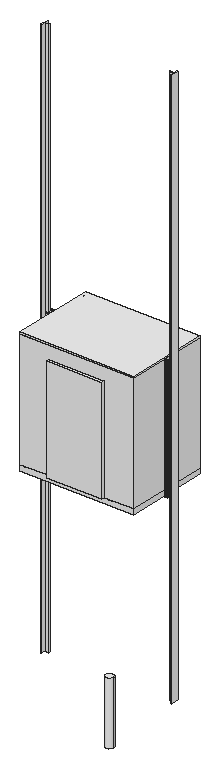
Revit family
Parameters (values of type "2500 lbs")
  Width = 8' - 4"
  Pit Depth = 4' - 0"
  Height [instance] = 36' - 0"
  Door Opening = 3' - 6"
  Depth = 6' - 7"
  Cab Width = 7' - 0"
  Cab Location = 12' - 0"
  Cab Height = 7' - 6"
  Cab Depth = 5' - 0"
Types (5): name | Width | Door Opening | Depth | Cab Width | Cab Depth
  (no name) | 8' - 4" | 3' - 6" | 6' - 7" | 7' - 0" | 5' - 0"
  2000 lbs | 7' - 4" | 3' - 0" | 6' - 10" | 6' - 0" | 5' - 0"
  2500 lbs | 8' - 4" | 3' - 6" | 6' - 7" | 7' - 0" | 5' - 0"
  3000 lbs | 8' - 4" | 3' - 6" | 7' - 1" | 7' - 0" | 5' - 6"
  3500 lbs | 8' - 4" | 4' - 0" | 7' - 7" | 7' - 0" | 6' - 2"
Reference planes (in)
  plane 1 "Center (Front/Back)": y = -1.8889
  plane 2: z = 0
  plane 3 "Center (Left/Right)": x = 0.29319
  plane 4 "Back": y = 41.1111
  plane 5 "Front": y = -37.8889
  plane 6 "Left": x = -49.70681
  plane 7 "Right": x = 50.29319
  plane 8: x = -41.70681
  plane 9: x = 42.29319
  plane 10: z = 432
  plane 11: z = -48
  plane 12: z = 144
  plane 13: z = 234
  plane 14: z = 140
  plane 15: z = 235
  plane 16: x = -20.70681
  plane 17: z = 224
  plane 18: x = 21.29319
  plane 19: y = 28.1111
  plane 20: y = -31.8889
Forms (in)
  Extrusion 1, solid, material "Metal - Steel"
    sketch origin (0, 0, 0) x (1, 0, 0) y (0, 1, 0)
      loop
        line (-41.70681, 28.1111) -> (-41.70681, -31.8889) -> (42.29319, -31.8889) -> (42.29319, 28.1111) -> (-41.70681, 28.1111)
      loop
        line (-43.20681, 30.1111) -> (-43.20681, -33.3889) -> (43.79319, -33.3889) -> (43.79319, 30.1111) -> (-43.20681, 30.1111)
    from 144 to 234
  Extrusion 2, solid, material "Metal - Steel"
    sketch origin (0, 0, 0) x (1, 0, 0) y (0, 1, 0)
      loop
        circle (0.29319, -1.8889) r 3
    from -48 to 0
  Extrusion 3, solid, material "Metal - Steel"
    sketch origin (0, 0, 0) x (1, 0, 0) y (0, 1, 0)
      loop
        line (-43.20681, 30.1111) -> (-43.20681, -33.3889) -> (43.79319, -33.3889) -> (43.79319, 30.1111) -> (-43.20681, 30.1111)
    from 140 to 144
  Extrusion 4, solid, material "Metal - Steel"
    sketch origin (0, 0, 0) x (1, 0, 0) y (0, 1, 0)
      loop
        line (-43.20681, 30.1111) -> (-43.20681, -33.3889) -> (43.79319, -33.3889) -> (43.79319, 30.1111) -> (-43.20681, 30.1111)
    from 234 to 235
  Extrusion 5, void
    sketch origin (0, -1.8889, 0) x (1, 0, 0) y (0, 0, 1)
      loop
        line (-20.70681, 224) -> (-20.70681, 144) -> (21.29319, 144) -> (21.29319, 224) -> (-20.70681, 224)
    from 30 to 31.5
  Extrusion 6, solid, material "Metal - Steel"
    sketch origin (0, 0.25, 0) x (1, 0, 0) y (0, 1, 0)
      loop
        line (-20.70681, -33.8889) -> (-20.70681, -35.8889) -> (21.29319, -35.8889) -> (21.29319, -33.8889) -> (-20.70681, -33.8889)
    from 144 to 224
  Extrusion 7, solid, material "Metal - Steel", detail levels medium+fine
    sketch origin (0, 0, 0) x (1, 0, 0) y (0, 1, 0)
      loop
        line (-49.70681, 1.1111) -> (-49.70681, -4.8889) -> (-49.20681, -4.8889) -> (-49.20681, -2.1389) -> (-45.95681, -2.1389) -> (-45.95681, -1.6389) -> (-49.20681, -1.6389) -> (-49.20681, 1.1111) -> (-49.70681, 1.1111)
      loop
        line (50.29319, 1.1111) -> (49.79319, 1.1111) -> (49.79319, -1.6389) -> (46.54319, -1.6389) -> (46.54319, -2.1389) -> (49.79319, -2.1389) -> (49.79319, -4.8889) -> (50.29319, -4.8889) -> (50.29319, 1.1111)
    from 0 to 432
  Extrusion 8, solid, material "Metal - Steel", detail levels medium+fine
    sketch origin (0, 0, 0) x (1, 0, 0) y (0, 1, 0)
      loop
        line (-46.45681, 1.1111) -> (-46.45681, 0.6111) -> (-44.95681, 0.6111) -> (-44.95681, -4.3889) -> (-46.45681, -4.3889) -> (-46.45681, -4.8889) -> (-44.45681, -4.8889) -> (-44.45681, 1.1111) -> (-46.45681, 1.1111)
      loop
        line (47.04319, 1.1111) -> (45.04319, 1.1111) -> (45.04319, -4.8889) -> (47.04319, -4.8889) -> (47.04319, -4.3889) -> (45.54319, -4.3889) -> (45.54319, 0.6111) -> (47.04319, 0.6111) -> (47.04319, 1.1111)
    from 140 to 235
Cuts and joins
  Extrusion 5 cuts Extrusion 1
  Extrusion 5 cuts Extrusion 2
  Extrusion 5 cuts Extrusion 3
  Extrusion 5 cuts Extrusion 4
Lines and regions (in)
  symbolic lines, style "InvisibleLines"
    curve 1: line (-49.70681, 41.1111, 0) -> (50.29319, 41.1111, 0)
    curve 2: line (-49.70681, -37.8889, 0) -> (-49.70681, 41.1111, 0)
    curve 3: line (50.29319, -37.8889, 0) -> (-49.70681, -37.8889, 0)
    curve 4: line (50.29319, 41.1111, 0) -> (50.29319, -37.8889, 0)
  symbolic lines, style "Elevator"
    curve 5: line (43.79319, 30.1111, 0) -> (-43.20681, 30.1111, 0)
    curve 6: line (43.79319, -33.3889, 0) -> (43.79319, 30.1111, 0)
    curve 8: line (-43.20681, 30.1111, 0) -> (-43.20681, -33.3889, 0)
    curve 29: line (-43.20681, 30.1111, 0) -> (43.79319, -33.3889, 0)
    curve 30: line (43.79319, 30.1111, 0) -> (-43.20681, -33.3889, 0)
  symbolic lines, style "Elevator", detail levels medium+fine
    curve 7: line (42.29319, 28.1111, 0) -> (42.29319, -31.8889, 0)
    curve 9: line (-41.70681, -31.8889, 0) -> (-41.70681, 28.1111, 0)
    curve 10: line (-41.70681, 28.1111, 0) -> (42.29319, 28.1111, 0)
    curve 11: line (-41.70681, -31.8889, 0) -> (-20.70681, -31.8889, 0)
    curve 12: line (-20.70681, -33.3889, 0) -> (-43.20681, -33.3889, 0)
    curve 13: line (-20.70681, -31.8889, 0) -> (-20.70681, -33.3889, 0)
    curve 14: line (43.79319, -33.3889, 0) -> (21.29319, -33.3889, 0)
    curve 15: line (21.29319, -31.8889, 0) -> (42.29319, -31.8889, 0)
    curve 16: line (21.29319, -33.3889, 0) -> (21.29319, -31.8889, 0)
    curve 17: line (-49.70681, -34.8889, 0) -> (-47.70681, -34.8889, 0)
    curve 18: line (-47.70681, -34.8889, 0) -> (-47.70681, -15.8889, 0)
    curve 19: line (-47.70681, -15.8889, 0) -> (-49.70681, -15.8889, 0)
    curve 20: line (-48.70681, -15.8889, 0) -> (-48.70681, -34.8889, 0)
    curve 21: line (-48.70681, -16.3889, 0) -> (-49.70681, -16.3889, 0)
    curve 22: line (-48.70681, -34.3889, 0) -> (-49.70681, -34.3889, 0)
    curve 23: line (-49.70681, -36.3889, 0) -> (50.29319, -36.3889, 0)
    curve 24: line (-20.70681, -33.6389, 0) -> (21.29319, -33.6389, 0)
    curve 25: line (-20.70681, -35.6389, 0) -> (-20.70681, -33.6389, 0)
    curve 26: line (21.29319, -35.6389, 0) -> (-20.70681, -35.6389, 0)
    curve 27: line (21.29319, -33.6389, 0) -> (21.29319, -35.6389, 0)
    curve 28: line (0.29319, -35.6389, 0) -> (0.29319, -33.6389, 0)
    curve 32: line (-17.70681, 39.1111, 0) -> (18.29319, 39.1111, 0)
    curve 33: line (-17.70681, 32.1111, 0) -> (-17.70681, 39.1111, 0)
    curve 34: line (18.29319, 32.1111, 0) -> (-17.70681, 32.1111, 0)
    curve 35: line (18.29319, 39.1111, 0) -> (18.29319, 32.1111, 0)
  symbolic lines, style "Elevator", detail levels coarse
    curve 31: line (-43.20681, -33.3889, 0) -> (43.79319, -33.3889, 0)
Dimensions and locks (in)
  "Width": plane 6 "Left" to plane 7 "Right"
  "Depth": plane 5 "Front" to plane 4 "Back"
  equal spacing: plane 6 "Left", plane 3 "Center (Left/Right)", plane 7 "Right"
  equal spacing: plane 8, plane 3 "Center (Left/Right)", plane 9
  "Cab Width": plane 8 to plane 9
  "Height": plane 2 to plane 10
  "Cab Height": plane 12 to plane 13
  "Cab Location": plane 2 to plane 12
  "Pit Depth": plane 2 to plane 11
  locked: plane 14 to plane 12 at 4
  locked: plane 13 to plane 15 at 1
  locked: plane 17 to plane 12 at 80
  "Door Opening": plane 18 to plane 16
  equal spacing: plane 18, plane 3 "Center (Left/Right)", plane 16
  locked: plane 20 to plane 5 "Front" at 6
  equal spacing: plane 19, plane 1 "Center (Front/Back)", plane 20
  "Cab Depth": plane 19 to plane 20
  locked: level to plane 11 at 48
  aligned and locked: plane 8 to Extrusion 1 sketch curve
  aligned and locked: Extrusion 1 sketch curve to plane 9
  aligned and locked: Extrusion 1 to plane 13
  aligned and locked: plane 11 to Extrusion 2
  aligned and locked: plane 12 to Extrusion 1
  aligned and locked: Extrusion 3 sketch curve to Extrusion 1  (x4)
  aligned and locked: Extrusion 1 to Extrusion 4 sketch curve
  aligned and locked: Extrusion 4 sketch curve to Extrusion 1  (x3)
  aligned and locked: Extrusion 4 to plane 15
  aligned and locked: Extrusion 4 to Extrusion 1
  aligned and locked: plane 16 to Extrusion 5 sketch curve
  aligned and locked: plane 17 to Extrusion 5 sketch curve
  aligned and locked: plane 12 to Extrusion 5 sketch curve
  aligned and locked: Extrusion 5 sketch curve to plane 18
  aligned and locked: Extrusion 6 to plane 17
  aligned and locked: Extrusion 7 to plane 10
  aligned and locked: Extrusion 8 to plane 15
  aligned and locked: plane 14 to cut or joined group of Extrusion 3, Extrusion 5
  aligned and locked: cut or joined group of Extrusion 3, Extrusion 5 to plane 12
  aligned and locked: curve 5 to cut or joined group of Extrusion 3, Extrusion 5
  aligned and locked: curve 6 to cut or joined group of Extrusion 3, Extrusion 5
  aligned and locked: curve 7 to cut or joined group of Extrusion 1, Extrusion 5
  aligned and locked: curve 9 to cut or joined group of Extrusion 1, Extrusion 5
  aligned and locked: curve 10 to cut or joined group of Extrusion 1, Extrusion 5
  aligned and locked: curve 11 to cut or joined group of Extrusion 1, Extrusion 5
  aligned and locked: cut or joined group of Extrusion 1, Extrusion 5 to curve 13
  aligned and locked: curve 14 to cut or joined group of Extrusion 1, Extrusion 5
  aligned and locked: curve 16 to cut or joined group of Extrusion 1, Extrusion 5
  aligned and locked: plane 12 to Extrusion 6
  aligned and locked: Extrusion 1 sketch curve to plane 19
  aligned and locked: plane 20 to Extrusion 1 sketch curve
  aligned and locked: curve 15 to plane 20
  aligned and locked: Extrusion 1 to Extrusion 5  (x2)
  aligned: level to Extrusion 2
Automatic sketch dimensions
  Extrusion 2 sketch curve to plane 1 "Center (Front/Back)" = 0' - 0"
  Extrusion 2 sketch curve to plane 3 "Center (Left/Right)" = 0' - 0"
  Extrusion 2 sketch curve to plane 3 "Center (Left/Right)" = 0' - 3"
  Extrusion 6 sketch curve to plane 16 = 0' - 0"
  Extrusion 6 sketch curve to plane 18 = 0' - 0"
  Extrusion 6 sketch curve to plane 5 "Front" = 0' - 2 1/4"
  Extrusion 6 sketch curve to Extrusion 6 sketch curve = 0' - 2"
  Extrusion 7 sketch curve to plane 6 "Left" = 0' - 0"
  Extrusion 7 sketch curve to plane 7 "Right" = 0' - 0"
  Extrusion 7 sketch curve to plane 1 "Center (Front/Back)" = 0' - 0 1/4"  (x2)
  plane 6 "Left" to Extrusion 7 sketch curve = 0' - 0 1/2"
  Extrusion 7 sketch curve to Extrusion 7 sketch curve = 0' - 0 1/2"  (x2)
  plane 1 "Center (Front/Back)" to Extrusion 7 sketch curve = 0' - 0 1/4"  (x2)
  plane 7 "Right" to Extrusion 7 sketch curve = 0' - 0 1/2"
  Extrusion 7 sketch curve to Extrusion 7 sketch curve = 0' - 2 3/4"  (x4)
  Extrusion 7 sketch curve to plane 8 = 0' - 4 1/4"
  Extrusion 7 sketch curve to plane 9 = 0' - 4 1/4"
  Extrusion 8 sketch curve to plane 8 = 0' - 4 3/4"  (x2)
  Extrusion 8 sketch curve to Extrusion 8 sketch curve = 0' - 1 1/2"  (x3)
  Extrusion 8 sketch curve to Extrusion 8 sketch curve = 0' - 0 1/2"  (x6)
  Extrusion 8 sketch curve to plane 9 = 0' - 2 3/4"
  plane 1 "Center (Front/Back)" to Extrusion 8 sketch curve = 0' - 3"  (x2)
  Extrusion 8 sketch curve to plane 1 "Center (Front/Back)" = 0' - 2 1/2"  (x2)
  Extrusion 1 sketch curve to plane 8 = 0' - 1 1/2"
  Extrusion 1 sketch curve to plane 9 = 0' - 1 1/2"
  Extrusion 1 sketch curve to plane 20 = 0' - 1 1/2"
  plane 19 to Extrusion 1 sketch curve = 0' - 2"
  curve 17 to plane 6 "Left" = 0' - 0"
  curve 23 to plane 6 "Left" = 0' - 0"
  curve 2 to plane 5 "Front" = 0' - 0"
  curve 2 to plane 6 "Left" = 0' - 0"
  curve 22 to plane 6 "Left" = 0' - 0"
  curve 21 to plane 6 "Left" = 0' - 0"
  curve 19 to plane 6 "Left" = 0' - 0"
  curve 25 to plane 16 = 0' - 0"
  curve 28 to plane 3 "Center (Left/Right)" = 0' - 0"
  curve 24 to plane 18 = 0' - 0"
  curve 23 to plane 7 "Right" = 0' - 0"
  curve 1 to plane 4 "Back" = 0' - 0"
  curve 1 to plane 7 "Right" = 0' - 0"
  plane 6 "Left" to curve 20 = 0' - 1"
  curve 20 to curve 18 = 0' - 1"
  curve 8 to plane 8 = 0' - 1 1/2"
  plane 16 to curve 33 = 0' - 3"
  curve 35 to plane 18 = 0' - 3"
  curve 23 to plane 5 "Front" = 0' - 1 1/2"
  curve 27 to curve 14 = 0' - 2 1/4"
  curve 23 to curve 17 = 0' - 1 1/2"
  curve 20 to curve 22 = 0' - 0 1/2"
  curve 28 to plane 20 = 0' - 1 3/4"
  plane 1 "Center (Front/Back)" to curve 21 = 1' - 2 1/2"
  curve 21 to curve 19 = 0' - 0 1/2"
  plane 19 to curve 34 = 0' - 4"
  plane 4 "Back" to curve 32 = 0' - 2"
